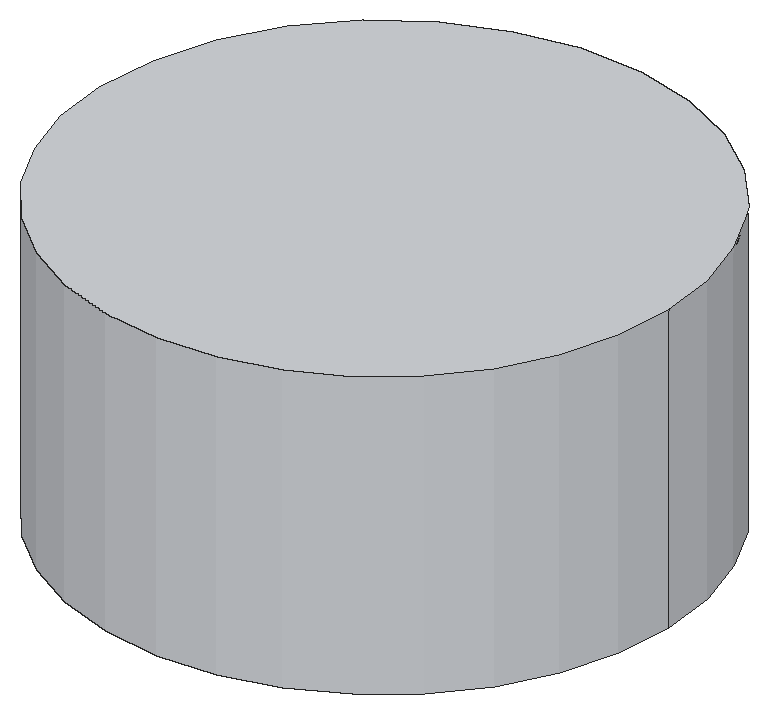
Revit family "PGL-3030", category Generic Models, Revit 2022
Family settings
  Can host rebar = No
  Round Connector Dimension = Use Diameter
  Part Type = Normal
  Work Plane-Based = No
  Always vertical = Yes
  Cut with Voids When Loaded = No
  Maintain Annotation Orientation = No
  Shared = No
  Room Calculation Point = No
Parameters (values of type "PGT-30")
  URL = "https://www.anemostat-hvac.com/literature/PG-S-0012.pdf"
  Model = "PGT-30-TEGULAR"
  Manufacturer = "ANEMOSTAT PRODUCTS"
  Description = "PG-30,LAYIN, PARAGON DIFFUSER, SUPPLY/RETURN"
  Default Elevation = 0' - 0"
  Connector_1_Diameter = 0' - 3 7/8"
Reference planes (in)
  plane 1 "Center (Front/Back)": y = 0
  plane 2: z = 0
  plane 3 "Center (Left/Right)": x = 0
Forms (in)
  Extrusion 1, solid
    sketch origin (-0.00019, -0.00003, 3.40793) x (0, 1, 0) y (1, 0, 0)
      loop
        circle (0, 0) r 0.12
    from 0 to -0.12
Dimensions and locks (in)
  aligned and locked: plane 2 to level
Connectors (in)
  hvac at (-0.00019, -0.00003, 3.40793), driven by "Connector_1_Diameter"
    settings: on Extrusion 1, index 1, duct flow 0 CFM, flow factor 0, pres drop 0.00 in-wg, loss coef 0, conn angle 0.00°, conn width 12", conn height 12", conn diameter 3 7/8", duct sys type 1, conn prof type 0, flow config 1, flow direction 1, loss method 0, conn ref index -1, conn util no, is conn primary yes, conn desc ""
